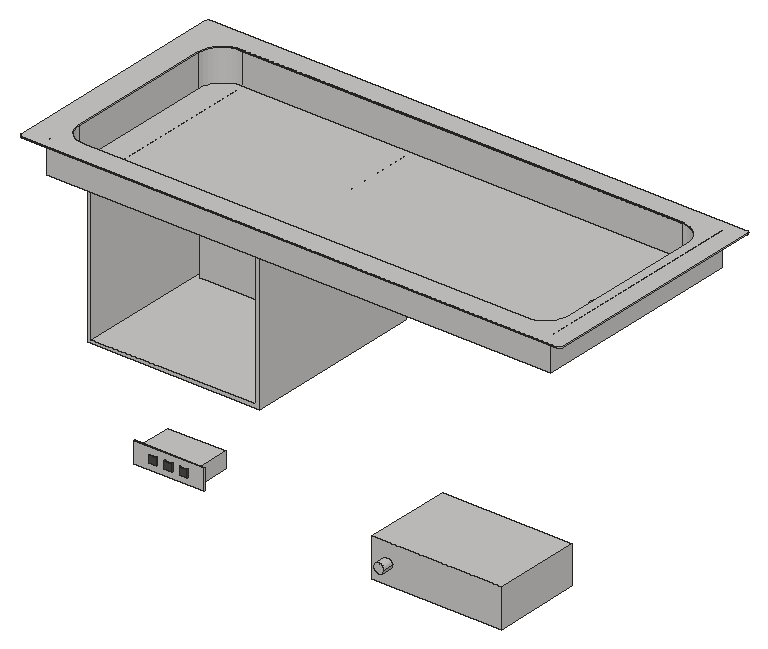
Revit family "QF_ELECTROLUXPROFESSIONAL_341057_D14C4", category Specialty Equipment, Revit 2018
Family settings
  Round Connector Dimension = Use Diameter
  Part Type = Normal
  Work Plane-Based = No
  Always vertical = Yes
  Cut with Voids When Loaded = No
  Shared = No
  Room Calculation Point = No
Parameters (values of type "Standard")
  Weight = 44.80 kg
  Watts = 0 W
  Volts = 220 V
  URL Manufacturer = "http://professional.electrolux.com"
  URL = "http://professional.electrolux.com"
  Steam Supply Size = 0 mm
  Steam Supply Minimum Pressure = 0.0 Pa
  Steam Supply Maximum Pressure = 0.0 Pa
  Steam Pounds per Hour = 0
  Show Clearance [instance] = yes
  Remote Electrical Box_Z [instance] = 200.00 mm
  Remote Electrical Box_Y [instance] = 500.00 mm
  Remote Electrical Box_X [instance] = 1000.00 mm
  Refrigeration Suction Line Size = 0 mm
  Refrigeration Liquid Line Size = 0 mm
  Refrigerant Compressor Remote = yes
  Manufacturer = "Electrolux Professional"
  Phase = 1
  Model = "D14C4"
  Length Actual = 1420.00 mm  # constant formula
  Item Number = "341057"
  Hot Water Size = 0 mm
  Height Actual = 390.00 mm  # constant formula
  HP = "0 HP"
  Gas Size = 0 mm
  Gas KW = 0
  Gas Input Pressure = 0 W
  Direct Waste Size = 25.4 mm
  Description = "DROP-IN REFRIGERATED S/S SURFACE, 4GN"
  Depth Actual = 620.00 mm  # constant formula
  Cycle = 50 Hz
  Controller_Y [instance] = 500.00 mm
  Controller_1Z [instance] = 200.00 mm
  Controller_1X [instance] = 300.00 mm
  Condensate Return Size = 0 mm
  Compressed Air Volume = 0.0 L/s
  Compressed Air Size = 0 mm
  Compressed Air Pressure = 0.0 Pa
  Cold Water Size = 0 mm
  Accessory = yes
Types (2, lengths in mm): name | Volts | URL Manufacturer | URL | Manufacturer | Phase | Model | Item Number | Description | Cycle
  341057.rfa | 0 V | "" | 0.00 | 0.00 | 0 | 0.00 | "" | 0.00 | 0 Hz
  Standard | 220 V | "http://professional.electrolux.com" | "http://professional.electrolux.com" | "Electrolux Professional" | 1 | "D14C4" | "341057" | "DROP-IN REFRIGERATED S/S SURFACE, 4GN" | 50 Hz
Reference planes
  plane 1 "Centro (Fronte/Retro)": y = 74.737
  plane 2: z = 0
  plane 3 "BACK": y = 384.737
  plane 4 "FRONT": y = -235.263
  plane 5 "RIGHT": x = 195.731
  plane 6 "LEFT": x = -1224.269
  plane 7: x = -514.269
  plane 8 "TOP": z = 900
  plane 9: y = 354.737
  plane 10: y = -205.263
  plane 11: x = 145.731
  plane 12: x = -1174.269
  plane 13: y = 329.737
  plane 14: y = -180.263
  plane 15: x = -1154.269
  plane 16: x = 125.731
  plane 17: z = 898
  plane 18: z = 812
  plane 19: z = 815
  plane 20: z = 428
  plane 21: x = -354.269
  plane 22: y = 314.737
  plane 23: y = -165.263
  plane 24: x = -1099.269
  plane 25: x = -649.269
  plane 26: y = -115.263
  plane 27: y = -115.263
  plane 28: x = -224.269
  plane 29: x = -924.269
  plane 30: z = 200
  plane 31: z = 200
Forms (mm)
  Extrusion 1, solid, material "QF_Finishes_Stainless Steel"
    sketch origin (0, 0, 900) x (-1, 0, 0) y (0, -1, 0)
      loop
        arc (1214.269, -384.737) -> (1221.34, -381.808) -> (1224.269, -374.737) r 10
        line (1224.269, -374.737) -> (1224.269, 225.263)
        arc (1224.269, 225.263) -> (1221.34, 232.334) -> (1214.269, 235.263) r 10
        line (1214.269, 235.263) -> (-185.731, 235.263)
        arc (-185.731, 235.263) -> (-192.802, 232.334) -> (-195.731, 225.263) r 10
        line (-195.731, 225.263) -> (-195.731, -374.737)
        arc (-195.731, -374.737) -> (-192.802, -381.808) -> (-185.731, -384.737) r 10
        line (-185.731, -384.737) -> (1214.269, -384.737)
      loop
        arc (1090.219, -329.737) -> (1135.509, -310.977) -> (1154.269, -265.687) r 64.05
        line (1154.269, -265.687) -> (1154.269, 125.263)
        arc (1154.269, 125.263) -> (1138.16, 164.154) -> (1099.269, 180.263) r 55
        line (1099.269, 180.263) -> (-61.681, 180.263)
        arc (-61.681, 180.263) -> (-106.972, 161.503) -> (-125.731, 116.213) r 64.05
        line (-125.731, 116.213) -> (-125.731, -265.687)
        arc (-125.731, -265.687) -> (-106.972, -310.977) -> (-61.681, -329.737) r 64.05
        line (-61.681, -329.737) -> (1090.219, -329.737)
    from 0 to -2
  Extrusion 2, solid, material "QF_Finishes_Stainless Steel"
    sketch origin (0, 0, 900) x (-1, 0, 0) y (0, -1, 0)
      loop
        line (-145.731, -354.737) -> (1174.269, -354.737) -> (1174.269, 205.263) -> (-145.731, 205.263) -> (-145.731, -354.737)
    from -2 to -88
  Extrusion 3, void
    sketch origin (0, 0, 900) x (-1, 0, 0) y (0, -1, 0)
      loop
        line (1154.269, -265.687) -> (1154.269, 125.263)
        arc (1154.269, 125.263) -> (1138.16, 164.154) -> (1099.269, 180.263) r 55
        line (1099.269, 180.263) -> (-61.681, 180.263)
        arc (-61.681, 180.263) -> (-106.972, 161.503) -> (-125.731, 116.213) r 64.05
        line (-125.731, 116.213) -> (-125.731, -265.687)
        arc (-125.731, -265.687) -> (-106.972, -310.977) -> (-61.681, -329.737) r 64.05
        line (-61.681, -329.737) -> (1090.219, -329.737)
        arc (1090.219, -329.737) -> (1135.509, -310.977) -> (1154.269, -265.687) r 64.05
    from 0 to -85
  Extrusion 4, solid, material "QF_Finishes_Stainless Steel"
    sketch origin (231.731, 362.737, 0) x (0, -1, 0) y (0, 0, -1)
      loop
        line (187, -438) -> (76, -438) -> (76, -788) -> (187, -788) -> (187, -438)
    from -1309.751 to -896
  Extrusion 5, void
    sketch origin (109.408, -193.95, 900) x (1, 0, 0) y (0, 1, 0)
      loop
        circle (-64.631, 268.687) r 18
    from -158.203 to -16.036
  Extrusion 6, solid, material "QF_Finishes_Stainless Steel"
    sketch origin (231.731, -231.263, 456) x (0, 0, 1) y (-1, 0, 0)
      loop
        line (356, 1331) -> (-28, 1331) -> (-28, 881) -> (356, 881) -> (356, 891) -> (-18, 891) -> (-18, 1321) -> (356, 1321) -> (356, 1331)
    from -66 to -546
  Sweep 7, solid, material "QF_Finishes_Stainless Steel"
    path origin (0, 74.737, 0) x (1, 0, 0) y (0, 0, 1)
      loop
        line (44.776, 812) -> (44.776, 793) -> (91.731, 793)
    profile origin (44.776, 74.737, 802.5) x (0, -1, 0) y (1, 0, 0)
      loop
        circle (0, 0) r 18
Cuts and joins
  Extrusion 3, Extrusion 5 cuts Extrusion 2
Lines and regions (mm)
  symbolic lines
    curve 1: line (185.731, 384.737, 900) -> (-1214.269, 384.737, 900)
    curve 2: arc (-1214.269, 384.737, 900) -> (-1221.34, 381.808, 900) -> (-1224.269, 374.737, 900) r 10
    curve 3: line (-1224.269, 374.737, 900) -> (-1224.269, -225.263, 900)
    curve 4: arc (-1224.269, -225.263, 900) -> (-1221.34, -232.334, 900) -> (-1214.269, -235.263, 900) r 10
    curve 5: line (-1214.269, -235.263, 900) -> (185.731, -235.263, 900)
    curve 6: arc (185.731, -235.263, 900) -> (192.802, -232.334, 900) -> (195.731, -225.263, 900) r 10
    curve 7: line (195.731, -225.263, 900) -> (195.731, 374.737, 900)
    curve 8: arc (195.731, 374.737, 900) -> (192.802, 381.808, 900) -> (185.731, 384.737, 900) r 10
    curve 9: line (-1154.269, -125.263, 900) -> (-1154.269, 265.687, 900)
    curve 10: arc (-1154.269, 265.687, 900) -> (-1135.509, 310.977, 900) -> (-1090.219, 329.737, 900) r 64.05
    curve 11: line (-1090.219, 329.737, 900) -> (61.681, 329.737, 900)
    curve 12: arc (61.681, 329.737, 900) -> (106.972, 310.977, 900) -> (125.731, 265.687, 900) r 64.05
    curve 13: line (125.731, 265.687, 900) -> (125.731, -116.213, 900)
    curve 14: arc (125.731, -116.213, 900) -> (106.972, -161.503, 900) -> (61.681, -180.263, 900) r 64.05
    curve 15: line (61.681, -180.263, 900) -> (-1099.269, -180.263, 900)
    curve 16: arc (-1099.269, -180.263, 900) -> (-1138.16, -164.154, 900) -> (-1154.269, -125.263, 900) r 55
    curve 17: arc (62.776, 74.737, 900) -> (44.776, 56.737, 900) -> (26.776, 74.737, 900) r 18
    curve 18: arc (26.776, 74.737, 900) -> (44.776, 92.737, 900) -> (62.776, 74.737, 900) r 18
  symbolic lines, style "SpecialityEquipmentHiddenLines"
    curve 19: line (-1174.269, 354.737, 900) -> (145.731, 354.737, 900)
    curve 20: line (-1174.269, -205.263, 900) -> (-1174.269, 354.737, 900)
    curve 21: line (145.731, -205.263, 900) -> (-1174.269, -205.263, 900)
    curve 22: line (145.731, 354.737, 900) -> (145.731, -205.263, 900)
    curve 23: line (-1099.269, 314.737, 900) -> (-649.269, 314.737, 900)
    curve 24: line (-1099.269, -165.263, 900) -> (-1099.269, 314.737, 900)
    curve 25: line (-649.269, -165.263, 900) -> (-1099.269, -165.263, 900)
    curve 26: line (-649.269, 314.737, 900) -> (-649.269, -165.263, 900)
Dimensions and locks
  plane 6 "LEFT" to plane 5 "RIGHT" = 1420.00 mm
  equal spacing: plane 3 "BACK", plane 1 "Centro (Fronte/Retro)", plane 4 "FRONT"
  plane 3 "BACK" to plane 4 "FRONT" = 620.00 mm
  equal spacing: plane 6 "LEFT", plane 7, plane 5 "RIGHT"
  locked: plane 8 "TOP" to plane 2 at 900
  locked: plane 6 "LEFT" to plane 12 at 50
  locked: plane 11 to plane 5 "RIGHT" at 50
  locked: plane 3 "BACK" to plane 9 at 30
  locked: plane 10 to plane 4 "FRONT" at 30
  plane 3 "BACK" to plane 13 = 55.00 mm
  plane 14 to plane 4 "FRONT" = 55.00 mm
  plane 6 "LEFT" to plane 15 = 70.00 mm
  plane 16 to plane 5 "RIGHT" = 70.00 mm
  locked: plane 8 "TOP" to plane 17 at 2
  plane 8 "TOP" to plane 18 = 88.00 mm
  locked: plane 19 to plane 18 at 3
  plane 8 "TOP" to plane 20 = 472.00 mm
  locked: plane 25 to plane 24 at 450
  plane 23 to plane 22 = 480.00 mm
  plane 13 to plane 14 = 510.00 mm
  plane 15 to plane 16 = 1280.00 mm
  plane 24 to plane 6 "LEFT" = 125.00 mm
  "Controller_Y": plane 3 "BACK" to plane 26
  "Remote Electrical Box_Y": plane 3 "BACK" to plane 27
  "Controller_1X": plane 6 "LEFT" to plane 29
  "Remote Electrical Box_X": plane 6 "LEFT" to plane 28
  "Controller_1Z": plane 30 to plane 2
  "Remote Electrical Box_Z": plane 31 to plane 2
  aligned and locked: level to plane 2
  aligned and locked: Extrusion 1 sketch curve to plane 3 "BACK"
  aligned and locked: plane 6 "LEFT" to Extrusion 1 sketch curve
  aligned and locked: plane 4 "FRONT" to Extrusion 1 sketch curve
  aligned and locked: Extrusion 1 sketch curve to plane 5 "RIGHT"
  aligned and locked: Extrusion 1 sketch curve to plane 13
  aligned and locked: plane 15 to Extrusion 1 sketch curve
  aligned and locked: Extrusion 1 sketch curve to plane 14
  aligned and locked: Extrusion 1 sketch curve to plane 16
  aligned and locked: Extrusion 1 to plane 17
  aligned and locked: Extrusion 2 sketch curve to plane 9
  aligned and locked: plane 11 to Extrusion 2 sketch curve
  aligned and locked: Extrusion 2 sketch curve to plane 10
  aligned and locked: Extrusion 2 sketch curve to plane 12
  aligned and locked: Extrusion 2 to plane 18
  aligned and locked: Extrusion 2 to Extrusion 1
  aligned and locked: Extrusion 3 sketch curve to Extrusion 1  (x4)
  aligned and locked: Extrusion 3 to plane 19
  aligned and locked: nested 2 to plane 29
  aligned and locked: nested 3 to plane 28
  aligned and locked: plane 27 to nested 3
  aligned and locked: plane 26 to nested 2
  aligned and locked: plane 31 to nested 3
  aligned and locked: nested 2 to plane 30
Automatic sketch dimensions
  Extrusion 1 sketch curve to plane 5 "RIGHT" = 10.00 mm
  Extrusion 1 sketch curve to plane 3 "BACK" = 10.00 mm
  plane 23 to Extrusion 1 sketch curve = 49.05 mm
  Extrusion 1 sketch curve to plane 22 = 49.05 mm  (x2)
  plane 23 to Extrusion 1 sketch curve = 40.00 mm
  Extrusion 1 sketch curve to Extrusion 1 sketch curve = 10.00 mm
  plane 6 "LEFT" to Extrusion 1 sketch curve = 10.00 mm
  Extrusion 3 sketch curve to plane 22 = 49.05 mm  (x2)
  plane 23 to Extrusion 3 sketch curve = 49.05 mm
  plane 15 to Extrusion 3 sketch curve = 55.00 mm
  plane 20 to Extrusion 4 sketch curve = 10.00 mm
  Extrusion 4 sketch curve to plane 22 = 28.00 mm
  Extrusion 4 sketch curve to plane 18 = 24.00 mm
  Extrusion 4 sketch curve to plane 1 "Centro (Fronte/Retro)" = 101.00 mm
  plane 1 "Centro (Fronte/Retro)" to Extrusion 5 sketch curve = 0.00 mm
  plane 16 to Extrusion 5 sketch curve = 80.955 mm
  Extrusion 6 sketch curve to plane 20 = 0.00 mm
  Extrusion 6 sketch curve to plane 18 = 0.00 mm
  Extrusion 6 sketch curve to plane 19 = 3.00 mm
  Extrusion 6 sketch curve to plane 25 = 0.00 mm
  Extrusion 6 sketch curve to plane 24 = 0.00 mm
  plane 20 to Extrusion 6 sketch curve = 10.00 mm
  Extrusion 6 sketch curve to plane 25 = 10.00 mm
  plane 24 to Extrusion 6 sketch curve = 10.00 mm
  Sweep 7 sketch curve to plane 18 = 0.00 mm
  Sweep 7 sketch curve to plane 18 = 19.00 mm
  Sweep 7 sketch curve to plane 16 = 80.955 mm
  Sweep 7 sketch curve to plane 16 = 34.00 mm
  plane 1 "Centro (Fronte/Retro)" to Sweep 7 sketch curve = 0.00 mm
  Sweep 7 sketch curve to profile plane = 0.00 mm
  curve 17 to curve 18 = 0.00 mm  (x2)
  curve 7 to plane 5 "RIGHT" = 0.00 mm
  curve 5 to plane 4 "FRONT" = 0.00 mm
  curve 1 to plane 3 "BACK" = 0.00 mm
  plane 10 to curve 22 = 0.00 mm
  curve 22 to plane 11 = 0.00 mm
  curve 13 to plane 16 = 0.00 mm
  plane 1 "Centro (Fronte/Retro)" to curve 17 = 0.00 mm
  plane 14 to curve 15 = 0.00 mm
  plane 13 to curve 11 = 0.00 mm
  curve 25 to plane 23 = 0.00 mm
  curve 25 to plane 25 = 0.00 mm
  curve 25 to plane 24 = 0.00 mm
  curve 16 to plane 15 = 0.00 mm
  curve 19 to plane 9 = 0.00 mm
  curve 19 to plane 12 = 0.00 mm
  curve 4 to plane 6 "LEFT" = 0.00 mm
  curve 23 to plane 22 = 0.00 mm
  plane 4 "FRONT" to curve 6 = 10.00 mm
  curve 1 to plane 5 "RIGHT" = 10.00 mm
  curve 15 to plane 16 = 64.05 mm
  curve 11 to plane 16 = 64.05 mm
  curve 18 to plane 16 = 80.955 mm
  plane 24 to curve 15 = 0.00 mm
  plane 24 to curve 11 = 9.05 mm
  plane 6 "LEFT" to curve 1 = 10.00 mm
  plane 6 "LEFT" to curve 5 = 10.00 mm
  curve 17 to curve 17 = 18.00 mm
  radius of Extrusion 5 sketch curve = 18.00 mm
  radius of Sweep 7 sketch curve = 18.00 mm
Nested families
  nested 1: "Refrigerator" at (15.731, -45.263, 900), type "Refrigerator"
  nested 2: "Controller" at (-924.269, -115.263, 200), type "Controller"
  nested 3: "Remote_Electrical_Box" at (-224.269, -0.263, 100), type "Remote_Electrical_Box"
Connectors
  piping at (91.731, 74.737, 793), diameter 36
    settings: on Sweep 7, index 1, connector inside diameter 609.6 mm, connector length 0.00 mm, flow factor 0, pipe flow 0.0 L/s, pressure drop 0.0 Pa, fitting loss kfactor 0, connector angle 0.00°, fixture units 0, engagement length 0.00 mm, angle of deflection 0.00°, flow configuration 1, flow direction 1, fitting loss method 0, system type 16, joint type 0, gender type 0, connector reference index -1, connector utility 0, adjustable connector no, is connector primary yes, connector description "drain"
  electrical at (-354.269, -142.263, 149.381)
    settings: on nested 3, index 2, voltage 0 V, apparent load 0 VA, apparent load phase1 0 VA, apparent load phase2 0 VA, apparent load phase3 0 VA, power factor 1, load classification "Altro", number of poles 1, system type 14, power factor state 1, is connector primary yes, connector utility no, sub classification motor no, connector description ""
Definition of nested family "Controller"
  Reference planes
    plane 1 "Center (Front/Back)": y = 0
    plane 2: z = 0
    plane 3 "Center (Left/Right)": x = 0
  Forms (mm)
    Extrusion 1, solid
      sketch origin (0, 44.769, -48.2) x (1, 0, 0) y (0, 1, 0)
        loop
          line (-76, 43.231) -> (-76, -47.65) -> (76, -47.65) -> (76, 43.231) -> (-76, 43.231)
      from 6.2 to 48.2
    Extrusion 2, solid
      sketch origin (0, 44.769, -48.2) x (1, 0, 0) y (0, 0, 1)
        loop
          line (-92.25, 54.4) -> (-92.25, 0) -> (92.25, 0) -> (92.25, 54.4) -> (-92.25, 54.4)
        loop
          line (-76, 48.2) -> (-76, 6.2) -> (76, 6.2) -> (76, 48.2) -> (-76, 48.2)
      from 44.769 to 47.65
    Extrusion 3, solid
      sketch origin (76, -2.881, -48.2) x (-1, 0, 0) y (0, 0, -1)
        loop
          line (106, -37.2) -> (126, -37.2) -> (126, -17.2) -> (106, -17.2) -> (106, -37.2)
        loop
          line (66, -37.2) -> (86, -37.2) -> (86, -17.2) -> (66, -17.2) -> (66, -37.2)
        loop
          line (26, -37.2) -> (46, -37.2) -> (46, -17.2) -> (26, -17.2) -> (26, -37.2)
      from 0 to 2
    Extrusion 4, void
      sketch origin (0, 0, 0) x (1, 0, 0) y (0, 1, 0)
        loop
          line (76, 88) -> (-76, 88) -> (-76, 0) -> (76, 0) -> (76, 88)
      from 0 to -42
  Cuts and joins
    Extrusion 4 cuts Extrusion 2
    joined: Extrusion 1, Extrusion 2
  Lines and regions (mm)
    symbolic lines
      curve 1: line (-76, 88, 0) -> (-76, 0, 0)
      curve 2: line (76, 88, 0) -> (-76, 88, 0)
      curve 3: line (76, 0, 0) -> (76, 88, 0)
      curve 4: line (-92.25, -2.881, 0) -> (92.25, -2.881, 0)
      curve 5: line (-92.25, 0, 0) -> (-92.25, -2.881, 0)
      curve 6: line (92.25, 0, 0) -> (-92.25, 0, 0)
      curve 7: line (92.25, -2.881, 0) -> (92.25, 0, 0)
  Dimensions and locks
    aligned and locked: level to plane 2
Definition of nested family "Remote_Electrical_Box"
  Parameters (values of type "Remote_Electrical_Box")
    Default Elevation = 1219.20 mm
  Reference planes
    plane 1 "Center (Front/Back)": y = 0
    plane 2: z = 0
    plane 3 "Center (Left/Right)": x = 0
    plane 4: x = -170
    plane 5: x = 170
    plane 6: y = 115
    plane 7: y = -115
    plane 8: z = 100
    plane 9: z = 50
  Forms (mm)
    Extrusion 1, solid
      sketch origin (0, 0, 0) x (1, 0, 0) y (0, 1, 0)
        loop
          line (-170, 115) -> (-170, -115) -> (170, -115) -> (170, 115) -> (-170, 115)
      from 0 to 100
    Extrusion 2, solid
      sketch origin (0, 0, 0) x (1, 0, 0) y (0, 0, 1)
        loop
          circle (-130, 49.381) r 13
      from 115 to 142
  Lines and regions (mm)
    symbolic lines
      curve 1: line (-170, 115, 0) -> (170, 115, 0)
      curve 2: line (-170, -115, 0) -> (-170, 115, 0)
      curve 3: line (170, -115, 0) -> (-170, -115, 0)
      curve 4: line (170, 115, 0) -> (170, -115, 0)
      curve 5: line (-143, -142, 0) -> (-117, -142, 0)
      curve 6: line (-143, -142, 0) -> (-143, -115, 0)
      curve 7: line (-117, -142, 0) -> (-117, -115, 0)
  Dimensions and locks
    equal spacing: plane 4, plane 3 "Center (Left/Right)", plane 5
    equal spacing: plane 6, plane 1 "Center (Front/Back)", plane 7
    plane 4 to plane 5 = 340.00 mm
    plane 6 to plane 7 = 230.00 mm
    Extrusion 1 to Extrusion 2 sketch curve = 40.00 mm
    equal spacing: plane 8, plane 9, plane 2
    aligned and locked: level to plane 2
    aligned and locked: Extrusion 1 sketch curve to plane 6
    aligned and locked: plane 4 to Extrusion 1 sketch curve
    aligned and locked: plane 7 to Extrusion 1 sketch curve
    aligned and locked: Extrusion 1 sketch curve to plane 5
    aligned and locked: plane 7 to Extrusion 2
    aligned and locked: plane 8 to Extrusion 1
  Automatic sketch dimensions
    level to Extrusion 2 sketch curve = 49.381 mm
    curve 3 to plane 4 = 0.00 mm
    curve 7 to plane 7 = 0.00 mm
    curve 3 to plane 5 = 0.00 mm
    curve 2 to plane 6 = 0.00 mm
    plane 4 to curve 6 = 27.00 mm
    curve 5 to curve 6 = 27.00 mm
    curve 6 to curve 7 = 26.00 mm
    radius of Extrusion 2 sketch curve = 13.00 mm
Definition of nested family "Refrigerator"
  Reference planes
    plane 1 "Center (Front/Back)": y = 0
    plane 2: z = 0
    plane 3 "Center (Left/Right)": x = 0
  Lines and regions (mm)
    detail lines, in view "Ref. Level"
      curve 1: line (0, -60, 0) -> (0, 60, 0)
      curve 2: line (-51.962, 30, 0) -> (51.962, -30, 0)
      curve 3: line (-51.962, -30, 0) -> (51.962, 30, 0)
      curve 4: line (19.116, 56.873, 0) -> (0, 35, 0)
      curve 5: line (0, 35, 0) -> (-19.116, 56.873, 0)
      curve 6: line (-30.311, 17.5, 0) -> (-40, 45.883, 0)
      curve 7: line (-59.736, 11.7, 0) -> (-30.311, 17.5, 0)
      curve 8: line (-30.311, -17.5, 0) -> (-59.736, -11.7, 0)
      curve 9: line (-40, -45.883, 0) -> (-30.311, -17.5, 0)
      curve 10: line (0, -35, 0) -> (-19.116, -56.873, 0)
      curve 11: line (19.116, -56.873, 0) -> (0, -35, 0)
      curve 12: line (30.311, -17.5, 0) -> (39.696, -44.992, 0)
      curve 13: line (58.812, -11.882, 0) -> (30.311, -17.5, 0)
      curve 14: line (30.311, 17.5, 0) -> (58.812, 11.882, 0)
      curve 15: line (39.696, 44.992, 0) -> (30.311, 17.5, 0)
